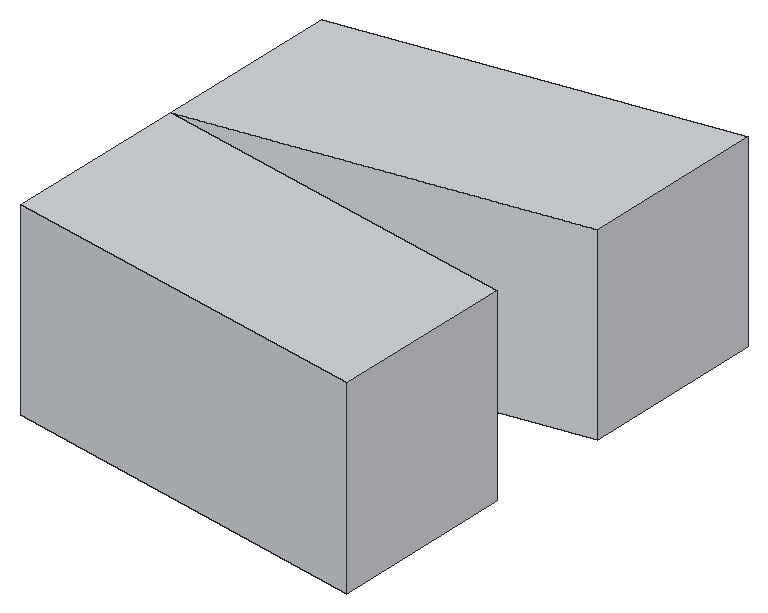
Revit family "5500646b9acb4ccdb807193a6a664793", category Duct Fittings, Revit 2021
Family settings
  Round Connector Dimension = Use Diameter
  Part Type = Pants
  OmniClass Number = 23.75.70.14
  OmniClass Title = Air Ductwork
  Seek Item ID = Rectangular Transition Pants - DTL-0000-USA-ENU
  Work Plane-Based = No
  Always vertical = Yes
  Cut with Voids When Loaded = No
  Shared = No
Parameters (values of type "Standard")
  Width Out Right Visibility [instance] = not(Straight Out Right = 0' 0")  # no
  Width Out Right 2 [instance] = Set Right 4 + 0.5 * Width In  # 18"
  Width Out Left Visibility [instance] = not(Straight Out Left = 0' 0")  # no
  Set Top 5 [instance] = if(Crotch Height = 0' 0", 10' 0" - Depth In / 2 - Set Top 4, 10' 0" - Depth In / 2 - (Set Top - Set Top 4))  # 111"
  Set Top 4 [instance] = if(Crotch Height = 0' 0", 0' 0", (Length - Crotch Height 2) * Set Top / Length)  # 0"
  Set Right 4 [instance] = if(Crotch Height = 0' 0", 0' 0", Crotch Height 2 * Set Right / Length)  # 0"
  Width Out Left 2 [instance] = Set Left 4 + 0.5 * Width In  # 18"
  Set Left 4 [instance] = if(Crotch Height = 0' 0", 0' 0", Crotch Height 2 * Set Left / Length)  # 0"
  Straight Out Right 2 [instance] = if(Straight Out Right > 0' 0", Length 2 - Straight Out Right, Length 2)  # 72"
  Straight Out Right 1 [instance] = if(Straight Out Right > 0' 0", Straight Out Right, 0' 1")  # 1"
  Straight Out Right [instance] = 0"
  Straight Out Left 2 [instance] = if(Straight Out Left > 0' 0", Length 2 - Straight Out Left, Length 2)  # 72"
  Straight Out Left 1 [instance] = if(Straight Out Left > 0' 0", Straight Out Left, 0' 1")  # 1"
  Straight Out Left [instance] = 0"
  Width In Visibility [instance] = not(Straight In = 0' 0")  # no
  Straight In 1 [instance] = if(Straight In > 0' 0", Straight In, 0' 1")  # 1"
  Set Right [instance] = 6"
  Set Left [instance] = 6"
  Set Top 1 [instance] = 10' 0" - Depth In / 2 - Set Top  # 111"
  Width 1 [instance] = Width In + Set Left + Set Right - (Width Out Left + Width Out Right)  # 12"
  Width Out Right 1 [instance] = Length 3 - Set Right 1  # 153"
  Width Out Left 1 [instance] = Set Left 1 + Length 3  # 183"
  Width Out 1 [instance] = Width In + Set Left 4 + Set Right 4  # 36"
  Length 4 [instance] = if(Crotch Height < Length, Length - Crotch Height 2, 0' 1")  # 35"
  Length 3 [instance] = (Width In + Width Out Right + Width Out Left + Set Left + Set Right) * 2  # 168"
  Length 2 [instance] = (Length + Straight Out) * 2  # 72"
  Half Width Out 1 [instance] = Width Out 1 / 2  # 18"
  Half Width In [instance] = Width In / 2  # 18"
  Half Depth Out 1 [instance] = Depth Out 1 / 2  # 9"
  Half Depth In [instance] = Depth In / 2  # 9"
  Depth Out 3 [instance] = if(Depth In > Depth Out, Depth Out + Depth Out 2, Depth Out - Depth Out 2)  # 18"
  Depth Out 2 [instance] = if(Crotch Height = 0' 0", 0' 0", (Length - Crotch Height 2) * (Set Top + abs(Depth In - Depth Out)) / Length - Set Top 4)  # 0"
  Depth Out 1 [instance] = if(not(Crotch Height = 0' 0"), Depth Out 3, Depth In)  # 18"
  Default Elevation = 0' - 0"
  Crotch Visibility [instance] = not(Crotch Height = 0' 0")  # no
  Crotch Height 1 [instance] = if(not(Crotch Height > 0' 0"), 0' 1", Crotch Height)  # 1"
  Crotch Height 3 [instance] = if(Crotch Height = 0' 0", Length 2 + Length 1, Length 2 + Length 1 - Crotch Height 2)  # 108"
  Set Right 1 [instance] = if(Width 1 > 0' 0", (Set Right + Width In / 2 - Width Out Right / 2), (Set Right - abs(Width 1) + Width In / 2 - Width Out Right / 2))  # 15"
  Set Left 1 [instance] = Set Left + Width In / 2 - Width Out Left / 2  # 15"
  Length 1 [instance] = if(Crotch Height < Length, Length, Crotch Height 2 + 0' 1")  # 36"
  Set Top 3 [instance] = if(Depth Out + Set Top 1 - 10' 0" < Depth In / 2, Depth In / 2, (Depth Out + Set Top 1 - 10' 0"))  # 9"
  Set Top 2 [instance] = if(10' 0" - Set Top 1 < Depth In / 2, Depth In / 2, (10' 0" - Set Top 1))  # 9"
  Half Width Out Right [instance] = Width Out Right / 2  # 9"
  Half Width Out Left [instance] = Width Out Left / 2  # 9"
  Half Depth Out [instance] = Depth Out / 2  # 9"
  Width Out Right [instance] = 18"
  Width Out Left [instance] = 18"
  Width In [instance] = 36"
  Length [instance] = 36"
  Straight Out [instance] = if(Straight Out Left > Straight Out Right, Straight Out Left, Straight Out Right)  # 0"
  Straight In [instance] = 0"
  Set Top [instance] = 0"
  Depth Out [instance] = 18"
  Depth In [instance] = 18"
  Crotch Height 2 [instance] = if(Crotch Height < Length, Crotch Height 1, Length)  # 1"
  Crotch Height [instance] = 0"
Reference planes (in)
  plane 1 "Center (Front/Back)": y = 0
  plane 2: z = 0
  plane 3 "Center (Left/Right)": x = 0
  plane 4: z = 120
  plane 5: x = 0
  plane 6: x = 36
  plane 7: y = 15
  plane 8: x = 36
  plane 9: y = -15
  plane 10: x = 108
  plane 11: x = 0
  plane 12: z = 9
  plane 13: z = -9
  plane 14 "1": z = 0
  plane 15: z = 9
  plane 16: z = -1
  plane 17: y = -168
  plane 18: x = 36
  plane 19: x = 1
  plane 20: x = 35
  plane 21: x = 35
  plane 22: x = 1
  plane 23: z = 9
  plane 24: z = 0
Forms (in)
  Sweep 1, solid, visible <- "Width In Visibility", detail levels medium+fine
    path in 3D
      loop
        line (0, 0, 0) -> (1, 0, 0)
    profile origin (0.5, 0, 0) x (0, 1, 0) y (0, 0, 1)
      loop
        line (18, 9) -> (-18, 9) -> (-18, -9) -> (18, -9) -> (18, 9)
  Sweep 2, solid, visible <- "Width Out Left Visibility", detail levels medium+fine
    path in 3D
      loop
        line (35, 15, 0) -> (36, 15, 0)
    profile origin (35.5, 15, 0) x (0, 1, 0) y (0, 0, 1)
      loop
        line (9, 9) -> (-9, 9) -> (-9, -9) -> (9, -9) -> (9, 9)
  Sweep 3, solid, visible <- "Width Out Right Visibility", detail levels medium+fine
    path in 3D
      loop
        line (35, -15, 0) -> (36, -15, 0)
    profile origin (35.5, -15, 0) x (0, 1, 0) y (0, 0, 1)
      loop
        line (-9, 9) -> (-9, -9) -> (9, -9) -> (9, 9) -> (-9, 9)
  SweptBlend 4, solid, visible <- "Crotch Visibility", detail levels medium+fine
    path in 3D
      loop
        line (0, 0, 0) -> (1, 0, 0)
    profile origin (0, 0, 0) x (0, 1, 0) y (0, 0, 1)
      loop
        line (18, 9) -> (-18, 9) -> (-18, -9) -> (18, -9) -> (18, 9)
    end profile origin (1, 0, 0) x (0, 1, 0) y (0, 0, 1)
      loop
        line (18, 9) -> (-18, 9) -> (-18, -9) -> (18, -9) -> (18, 9)
  Blend 5, solid, detail levels medium+fine
    base sketch origin (0, 0, 0) x (0, 1, 0) y (0, 0, 1)
      loop
        line (24, 9) -> (6, 9) -> (6, -9) -> (24, -9) -> (24, 9)
    top sketch origin (0, 0, 0) x (0, 1, 0) y (0, 0, 1)
      loop
        line (18, 9) -> (0, 9) -> (0, -9) -> (18, -9) -> (18, 9)
    from 36 to 0
  Blend 6, solid, detail levels medium+fine
    base sketch origin (0, 0, 0) x (0, 1, 0) y (0, 0, 1)
      loop
        line (-6, 9) -> (-24, 9) -> (-24, -9) -> (-6, -9) -> (-6, 9)
    top sketch origin (0, 0, 0) x (0, 1, 0) y (0, 0, 1)
      loop
        line (0, 9) -> (-18, 9) -> (-18, -9) -> (0, -9) -> (0, 9)
    from 36 to 0
  Blend 7, solid, not visible
    base sketch origin (0, 0, 0) x (0, 1, 0) y (0, 0, 1)
      loop
        line (24, 9) -> (15, 9) -> (15, 0) -> (24, 0) -> (24, 9)
    top sketch origin (0, 0, 0) x (0, 1, 0) y (0, 0, 1)
      loop
        line (9, 9) -> (0, 9) -> (0, 0) -> (9, 0) -> (9, 9)
    from 36 to 0
  Blend 8, solid, not visible
    base sketch origin (0, 0, 0) x (0, 1, 0) y (0, 0, 1)
      loop
        line (-15, 9) -> (-24, 9) -> (-24, 0) -> (-15, 0) -> (-15, 9)
    top sketch origin (0, 0, 0) x (0, 1, 0) y (0, 0, 1)
      loop
        line (0, 9) -> (-9, 9) -> (-9, 0) -> (0, 0) -> (0, 9)
    from 36 to 0
  Blend 9, solid, not visible
    base sketch origin (0, 0, 0) x (0, 1, 0) y (0, 0, 1)
      loop
        line (18, 9) -> (0, 9) -> (0, 0) -> (18, 0) -> (18, 9)
    top sketch origin (0, 0, 0) x (0, 1, 0) y (0, 0, 1)
      loop
        line (18, 9) -> (0, 9) -> (0, 0) -> (18, 0) -> (18, 9)
    from 0 to 1
Lines and regions (in)
  model lines, visible <- "Width In Visibility", detail levels coarse
    curve 1: line (0, 0, 0) -> (1, 0, 0)
  sketch lines
    curve 2: line (0, 0, 0) -> (1, 0, 0)
    curve 4: line (35, 15, 0) -> (36, 15, 0)
    curve 6: line (35, -15, 0) -> (36, -15, 0)
    curve 10: line (0, 0, 0) -> (1, 0, 0)
  reference lines
    curve 3: line (35, 15, 0) -> (36, 15, 0)
    curve 5: line (35, -15, 0) -> (36, -15, 0)
    curve 9: line (0, 0, 0) -> (1, 0, 0)
  model lines, visible <- "Width Out Left Visibility", detail levels coarse
    curve 7: line (35, 15, 0) -> (36, 15, 0)
  model lines, visible <- "Width Out Right Visibility", detail levels coarse
    curve 8: line (35, -15, 0) -> (36, -15, 0)
  model lines, detail levels coarse
    curve 11: line (0, 0, 0) -> (36, 15, 0)
    curve 12: line (0, 0, 0) -> (36, -15, 0)
  model lines, visible <- "Crotch Visibility", detail levels coarse
    curve 13: line (0, 0, 0) -> (1, 0, 0)
Dimensions and locks (in)
  locked: plane 4 to plane 2 at 120
  "Straight In": plane 3 "Center (Left/Right)" to plane 5
  "Length 1": plane 5 to plane 6
  equal spacing: Sweep 1 sketch curve, profile plane, Sweep 1 sketch curve  (x2)
  "Width In": Sweep 1 sketch curve to Sweep 1 sketch curve
  "Depth In": Sweep 1 sketch curve to Sweep 1 sketch curve
  equal spacing: Sweep 2 sketch curve, profile plane, Sweep 2 sketch curve
  "Width Out Left": Sweep 2 sketch curve to Sweep 2 sketch curve
  "Depth Out": Sweep 2 sketch curve to Sweep 2 sketch curve
  "Set Top 1": Sweep 2 sketch curve to plane 4
  equal spacing: Sweep 3 sketch curve, profile plane, Sweep 3 sketch curve
  "Width Out Right": Sweep 3 sketch curve to Sweep 3 sketch curve
  "Depth Out": Sweep 3 sketch curve to Sweep 3 sketch curve
  "Set Top 1": Sweep 3 sketch curve to plane 4
  "Length 2": plane 6 to plane 10
  "Crotch Height 3": plane 11 to plane 10
  "Set Top 2": plane 12 to plane 2
  "Set Top 3": plane 2 to plane 13
  "Set Top 1": plane 4 to plane 15
  "Half Depth Out": plane 15 to plane 14 "1"
  locked: plane 2 to plane 16 at 1
  "Length 3": plane 17 to plane 1 "Center (Front/Back)"
  "Width Out Left 1": plane 7 to plane 17
  "Width Out Right 1": plane 9 to plane 17
  "Straight In 1": plane 3 "Center (Left/Right)" to plane 19
  "Straight Out Left 1": plane 20 to plane 8
  "Straight Out Left 2": plane 8 to plane 10
  "Straight Out Right 2": plane 18 to plane 10
  "Straight Out Right 1": plane 21 to plane 18
  equal spacing: SweptBlend 4 sketch curve, plane 1 "Center (Front/Back)", SweptBlend 4 sketch curve
  "Width In": SweptBlend 4 sketch curve to SweptBlend 4 sketch curve
  "Depth In": SweptBlend 4 sketch curve to SweptBlend 4 sketch curve
  "Width Out 1": SweptBlend 4 sketch curve to SweptBlend 4 sketch curve
  "Width Out Left 2": SweptBlend 4 sketch curve to plane 1 "Center (Front/Back)"
  equal spacing: Blend 5 sketch curve, plane 7, Blend 5 sketch curve
  "Width Out Left": Blend 5 sketch curve to Blend 5 sketch curve
  "Depth Out": Blend 5 sketch curve to Blend 5 sketch curve
  "Width Out Left 2": Blend 5 sketch curve to Blend 5 sketch curve
  equal spacing: Blend 6 sketch curve, plane 9, Blend 6 sketch curve
  "Width Out Right": Blend 6 sketch curve to Blend 6 sketch curve
  "Set Top 1": Blend 6 sketch curve to plane 4
  "Depth Out": Blend 6 sketch curve to Blend 6 sketch curve
  "Width Out Right 2": Blend 6 sketch curve to Blend 6 sketch curve
  "Depth Out 1": Blend 6 sketch curve to Blend 6 sketch curve
  "Set Top 1": Blend 5 sketch curve to plane 4
  equal spacing: SweptBlend 4 sketch curve, profile plane, SweptBlend 4 sketch curve
  "Crotch Height 2": plane 5 to plane 22
  "Depth Out 1": SweptBlend 4 sketch curve to SweptBlend 4 sketch curve
  "Depth Out 1": Blend 5 sketch curve to Blend 5 sketch curve
  "Half Width Out Left": Blend 7 sketch curve to Blend 7 sketch curve  (x2)
  "Half Depth Out": Blend 7 sketch curve to Blend 7 sketch curve  (x2)
  "Half Width Out Right": Blend 8 sketch curve to Blend 8 sketch curve  (x2)
  "Half Depth Out": Blend 8 sketch curve to Blend 8 sketch curve  (x2)
  "Set Top 5": plane 4 to plane 23
  "Half Depth Out 1": plane 23 to plane 24
  equal spacing: Blend 6 sketch curve, plane 24, Blend 6 sketch curve
  equal spacing: SweptBlend 4 sketch curve, plane 24, SweptBlend 4 sketch curve
  equal spacing: Blend 5 sketch curve, plane 24, Blend 5 sketch curve
  "Half Width In": Blend 9 sketch curve to Blend 9 sketch curve
  "Half Depth In": Blend 9 sketch curve to Blend 9 sketch curve
  "Half Width Out 1": Blend 9 sketch curve to Blend 9 sketch curve
  "Half Depth Out 1": Blend 9 sketch curve to Blend 9 sketch curve
  aligned and locked: plane 1 "Center (Front/Back)" to curve 1
  aligned and locked: plane 3 "Center (Left/Right)" to curve 1
  aligned and locked: curve 3 to plane 8
  aligned and locked: curve 3 to plane 7
  aligned and locked: curve 5 to plane 9
  aligned and locked: curve 7 to plane 8
  aligned and locked: curve 7 to plane 7
  aligned and locked: curve 8 to plane 9
  aligned and locked: plane 18 to curve 5
  aligned and locked: plane 18 to curve 8
  aligned and locked: curve 7 to plane 20
  aligned and locked: curve 3 to plane 20
  aligned and locked: plane 21 to curve 8
  aligned and locked: plane 21 to curve 5
  aligned and locked: plane 1 "Center (Front/Back)" to curve 9
  aligned and locked: Blend 5 sketch curve to plane 1 "Center (Front/Back)"
  aligned and locked: plane 11 to Blend 5
  aligned and locked: plane 6 to Blend 5
  aligned and locked: plane 1 "Center (Front/Back)" to Blend 6 sketch curve
  aligned and locked: plane 6 to Blend 6
  aligned and locked: Blend 6 to plane 11
  aligned and locked: plane 22 to curve 9
  aligned and locked: plane 5 to curve 9
  aligned and locked: curve 8 to plane 14 "1"
  aligned and locked: curve 1 to plane 19
  aligned and locked: Blend 7 sketch curve to plane 1 "Center (Front/Back)"
  aligned: Blend 7 to plane 22
  aligned: Blend 7 to plane 20
  aligned and locked: plane 7 to Blend 7 sketch curve
  aligned and locked: plane 1 "Center (Front/Back)" to Blend 8 sketch curve
  aligned: Blend 8 to plane 22
  aligned: plane 18 to Blend 8  (x2)
  aligned: plane 21 to Blend 8
  aligned and locked: Blend 7 sketch curve to plane 14 "1"
  aligned and locked: plane 14 "1" to Blend 8 sketch curve
  aligned and locked: curve 11 to Blend 7
  aligned and locked: curve 12 to Blend 8
  aligned: Blend 7 to plane 8
  aligned and locked: plane 6 to Blend 7
  aligned and locked: plane 6 to Blend 8
  aligned and locked: plane 24 to Blend 8 sketch curve
  aligned and locked: plane 24 to Blend 7 sketch curve
  aligned: Blend 7 to plane 5
  aligned: Blend 8 to plane 5
  aligned and locked: Blend 7 to plane 11
  aligned and locked: Blend 8 to plane 11
  aligned and locked: plane 2 to Blend 9 sketch curve
  aligned and locked: Blend 9 sketch curve to plane 1 "Center (Front/Back)"  (x2)
  aligned and locked: plane 24 to Blend 9 sketch curve
  aligned: plane 11 to Blend 9
  aligned: Blend 9 to plane 5
  aligned: Blend 9 to plane 19
  aligned and locked: plane 22 to Blend 9
  aligned and locked: Blend 9 to plane 5
  aligned and locked: curve 13 to Blend 9
Automatic sketch dimensions
  Blend 8 sketch curve to plane 9 = 0' - 0"
  curve 11 to Blend 7 = 0' - 0"  (x2)
  curve 12 to Blend 8 = 0' - 0"  (x2)
  Blend 9 to curve 13 = 0' - 0"
  curve 13 to Blend 9 = 0' - 0"
Connectors (in)
  hvac at (0, 0, 0), driven by "Depth In", driven by "Width In"
    settings: on Sweep 1, index 1, duct flow 0 CFM, flow factor 0, pres drop 0.00 in-wg, loss coef 0, conn angle 0.00°, conn width 36", conn height 18", conn diameter 24", duct sys type 28, conn prof type 1, flow config 0, flow direction 0, loss method 0, conn ref index -1, conn util no, is conn primary yes, conn desc ""
  hvac at (36, 15, 0), driven by "Width Out Left", driven by "Depth Out"
    settings: on Sweep 2, index 2, duct flow 0 CFM, flow factor 0, pres drop 0.00 in-wg, loss coef 0, conn angle 0.00°, conn width 18", conn height 18", conn diameter 24", duct sys type 28, conn prof type 1, flow config 0, flow direction 0, loss method 0, conn ref index -1, conn util no, is conn primary no, conn desc ""
  hvac at (36, -15, 0), driven by "Width Out Right", driven by "Depth Out"
    settings: on Sweep 3, index 3, duct flow 0 CFM, flow factor 0, pres drop 0.00 in-wg, loss coef 0, conn angle 0.00°, conn width 18", conn height 18", conn diameter 24", duct sys type 28, conn prof type 1, flow config 0, flow direction 0, loss method 0, conn ref index -1, conn util no, is conn primary no, conn desc ""
